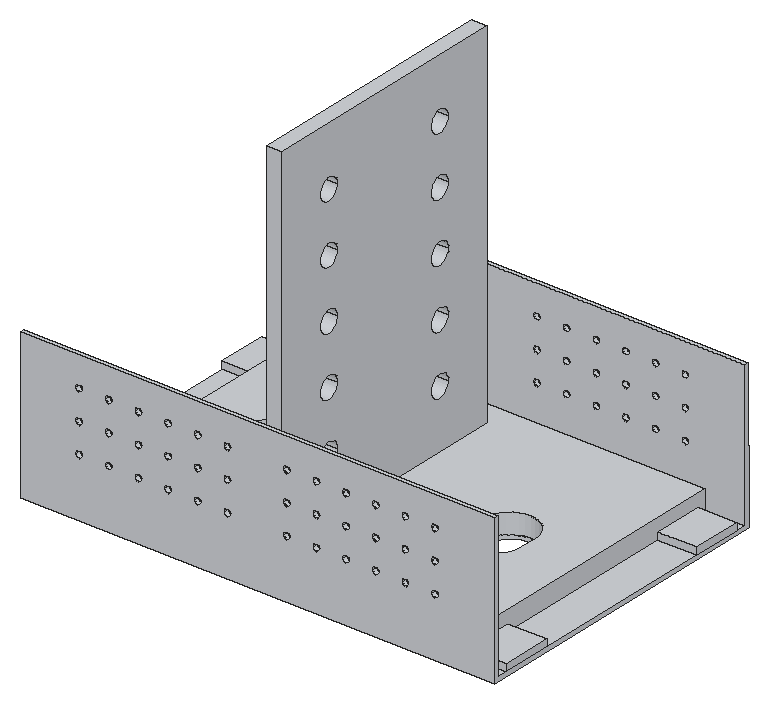
Revit family "SWS TRL", category Structural Connections, Revit 2026
Family settings
  Material for Model Behavior = Other
  Work Plane-Based = No
  Enable Cutting in Views = No
  Always vertical = No
  Cut with Voids When Loaded = No
  Shared = No
Parameters (values of type "SWS 800 TR")
  URL = "http://www.steelnetwork.com/product.aspx/StiffWall"
  Manufacturer = "The Steel Network, Inc."
  Is_800 = yes
  Is_600 = no
  Is_550 = no
Types (4): name | Is_800 | Is_600 | Is_550
  (no name) | yes | no | no
  SWS 550 TR | no | no | yes
  SWS 600 TR | no | yes | no
  SWS 800 TR | yes | no | no
Reference planes (in)
  plane 1 "Center (Front/Back)": y = 0
  plane 2: z = 0
  plane 3 "Center (Left/Right)": x = 0
Nested families (in)
  nested 1: "SWS 550 TR" at (-0.375, 0, 0.1017), visible <- "Is_550", type "SWS 550 TR"
  nested 2: "SWS 600 TR" at (-0.375, 0, 0.1017), visible <- "Is_600", type "SWS 600 TR"
  nested 3: "SWS 800 TR" at (-0.375, 0, 0.1017), visible <- "Is_800", type "SWS 800 TR"
Definition of nested family "SWS 550 TR"
  Parameters
    Default Elevation = 48.0000"
  Reference planes (in)
    plane 1 "Center (Front/Back)": y = 0
    plane 2: z = 0
    plane 3 "Center (Left/Right)": x = 0
    plane 4: z = -0.1017
    plane 5: z = 3.5
    plane 6: z = 9.5
    plane 7: z = 2
    plane 8: y = -2.6535
    plane 9: y = 2.6535
    plane 10: y = -2.375
    plane 11: z = 8
    plane 12: y = 2.3911
    plane 13: y = 1.1268
    plane 14: y = -2.3911
    plane 15: x = -4.625
    plane 16: x = 5.375
  Forms (in)
    Extrusion 1, solid
      sketch origin (0, 0, 0) x (1, 0, 0) y (0, 0, 1)
        loop
          line (-4.625, 0) -> (5.375, 0) -> (5.375, 0.5) -> (0.375, 0.5) -> (0.375, 9.5) -> (0, 9.5) -> (0, 0.5) -> (-4.625, 0.5) -> (-4.625, 0)
      from -2.622 to 2.622
    Extrusion 2, void
      sketch origin (0, 0, 0) x (0, 1, 0) y (0, 0, 1)
        loop
          line (2.622, 9.5) -> (2.375, 9.5) -> (2.375, 0.5) -> (2.622, 0.5) -> (2.622, 9.5)
      from 0 to 0.375
    Extrusion 3, void
      sketch origin (0, 0, 0) x (0, 1, 0) y (0, 0, 1)
        loop
          line (-2.622, 9.5) -> (-2.622, 0.5) -> (-2.375, 0.5) -> (-2.375, 9.5) -> (-2.622, 9.5)
      from 0 to 0.375
    Extrusion 4, solid
      sketch origin (0, 0, 0) x (1, 0, 0) y (0, 0, 1)
        loop
          line (0, 0.875) -> (-0.375, 0.5) -> (0, 0.5) -> (0, 0.875)
      from -2.375 to 2.375
    Extrusion 5, solid
      sketch origin (0, 0, 0) x (0, 1, 0) y (0, 0, 1)
        loop
          line (2.6535, 3.6483) -> (2.6535, 0) -> (-2.6535, 0) -> (-2.6535, 3.6483) -> (-2.7552, 3.6483) -> (-2.7552, -0.1017) -> (2.7552, -0.1017) -> (2.7552, 3.6483) -> (2.6535, 3.6483)
      from -5.625 to 6.375
    Extrusion 6, void
      sketch origin (0, 0, 0) x (1, 0, 0) y (0, 0, 1)
        loop
          circle (-4.125, 2.8983) r 0.086
        loop
          circle (-4.125, 2.1483) r 0.086
        loop
          circle (-4.125, 1.3983) r 0.086
        loop
          circle (-3.375, 2.8983) r 0.086
        loop
          circle (-3.375, 2.1483) r 0.086
        loop
          circle (-3.375, 1.3983) r 0.086
        loop
          circle (-2.625, 2.8983) r 0.086
        loop
          circle (-2.625, 2.1483) r 0.086
        loop
          circle (-2.625, 1.3983) r 0.086
        loop
          circle (-1.875, 2.8983) r 0.086
        loop
          circle (-1.875, 2.1483) r 0.086
        loop
          circle (-1.875, 1.3983) r 0.086
        loop
          circle (-1.125, 2.8983) r 0.086
        loop
          circle (-1.125, 2.1483) r 0.086
        loop
          circle (-1.125, 1.3983) r 0.086
        loop
          circle (-0.375, 2.8983) r 0.086
        loop
          circle (-0.375, 2.1483) r 0.086
        loop
          circle (-0.375, 1.3983) r 0.086
        loop
          circle (1.125, 2.8983) r 0.086
        loop
          circle (1.125, 2.1483) r 0.086
        loop
          circle (1.125, 1.3983) r 0.086
        loop
          circle (1.875, 2.8983) r 0.086
        loop
          circle (1.875, 2.1483) r 0.086
        loop
          circle (1.875, 1.3983) r 0.086
        loop
          circle (2.625, 2.8983) r 0.086
        loop
          circle (2.625, 2.1483) r 0.086
        loop
          circle (2.625, 1.3983) r 0.086
        loop
          circle (3.375, 2.8983) r 0.086
        loop
          circle (3.375, 2.1483) r 0.086
        loop
          circle (3.375, 1.3983) r 0.086
        loop
          circle (4.125, 2.8983) r 0.086
        loop
          circle (4.125, 2.1483) r 0.086
        loop
          circle (4.125, 1.3983) r 0.086
        loop
          circle (4.875, 2.8983) r 0.086
        loop
          circle (4.875, 2.1483) r 0.086
        loop
          circle (4.875, 1.3983) r 0.086
      from 2.6535 to 2.7552
    Extrusion 7, void
      sketch origin (0, 0, 0) x (1, 0, 0) y (0, 0, 1)
        loop
          circle (-4.125, 2.8983) r 0.086
        loop
          circle (-4.125, 2.1483) r 0.086
        loop
          circle (-4.125, 1.3983) r 0.086
        loop
          circle (-3.375, 2.8983) r 0.086
        loop
          circle (-3.375, 2.1483) r 0.086
        loop
          circle (-3.375, 1.3983) r 0.086
        loop
          circle (-2.625, 2.8983) r 0.086
        loop
          circle (-2.625, 2.1483) r 0.086
        loop
          circle (-2.625, 1.3983) r 0.086
        loop
          circle (-1.875, 2.8983) r 0.086
        loop
          circle (-1.875, 2.1483) r 0.086
        loop
          circle (-1.875, 1.3983) r 0.086
        loop
          circle (-1.125, 2.8983) r 0.086
        loop
          circle (-1.125, 2.1483) r 0.086
        loop
          circle (-1.125, 1.3983) r 0.086
        loop
          circle (-0.375, 2.8983) r 0.086
        loop
          circle (-0.375, 2.1483) r 0.086
        loop
          circle (-0.375, 1.3983) r 0.086
        loop
          circle (1.125, 2.8983) r 0.086
        loop
          circle (1.125, 2.1483) r 0.086
        loop
          circle (1.125, 1.3983) r 0.086
        loop
          circle (1.875, 2.8983) r 0.086
        loop
          circle (1.875, 2.1483) r 0.086
        loop
          circle (1.875, 1.3983) r 0.086
        loop
          circle (2.625, 2.8983) r 0.086
        loop
          circle (2.625, 2.1483) r 0.086
        loop
          circle (2.625, 1.3983) r 0.086
        loop
          circle (3.375, 2.8983) r 0.086
        loop
          circle (3.375, 2.1483) r 0.086
        loop
          circle (3.375, 1.3983) r 0.086
        loop
          circle (4.125, 2.8983) r 0.086
        loop
          circle (4.125, 2.1483) r 0.086
        loop
          circle (4.125, 1.3983) r 0.086
        loop
          circle (4.875, 2.8983) r 0.086
        loop
          circle (4.875, 2.1483) r 0.086
        loop
          circle (4.875, 1.3983) r 0.086
      from -2.7552 to -2.6535
    Extrusion 8, solid
      sketch origin (0, 0, 0) x (1, 0, 0) y (0, 1, 0)
        loop
          line (5.375, 2.3911) -> (5.375, 1.1268) -> (6.375, 1.1268) -> (6.375, 2.3911) -> (5.375, 2.3911)
      from 0 to 0.1875
    Extrusion 9, void
      sketch origin (0, 0, 0) x (0, 1, 0) y (0, 0, 1)
        loop
          circle (-1, 3.5) r 0.2815
        loop
          circle (-1, 2) r 0.2815
        loop
          circle (1, 3.5) r 0.2815
        loop
          circle (1, 2) r 0.2815
        loop
          circle (-1, 8) r 0.2815
        loop
          circle (-1, 6.5) r 0.2815
        loop
          circle (1, 8) r 0.2815
        loop
          circle (1, 6.5) r 0.2815
        loop
          circle (-1, 5) r 0.2815
        loop
          circle (1, 5) r 0.2815
      from 0 to 0.375
    Extrusion 10, void
      sketch origin (0, 0, 0) x (1, 0, 0) y (0, 1, 0)
        loop
          line (-3.28125, 0.21875) -> (-3.28125, -0.21875)
          arc (-3.28125, -0.21875) -> (-2.625, -0.875) -> (-1.96875, -0.21875) r 0.65625
          line (-1.96875, -0.21875) -> (-1.96875, 0.21875)
          arc (-1.96875, 0.21875) -> (-2.625, 0.875) -> (-3.28125, 0.21875) r 0.65625
        loop
          line (2.71875, 0.21875) -> (2.71875, -0.21875)
          arc (2.71875, -0.21875) -> (3.375, -0.875) -> (4.03125, -0.21875) r 0.65625
          line (4.03125, -0.21875) -> (4.03125, 0.21875)
          arc (4.03125, 0.21875) -> (3.375, 0.875) -> (2.71875, 0.21875) r 0.65625
      from -0.1017 to 0.5
    Extrusion 11, void
      sketch origin (-3, 0, 0) x (1, 0, 0) y (0, 1, 0)
        loop
          line (2.71875, 0.21875) -> (2.71875, -0.21875)
          arc (2.71875, -0.21875) -> (3.375, -0.875) -> (4.03125, -0.21875) r 0.65625
          line (4.03125, -0.21875) -> (4.03125, 0.21875)
          arc (4.03125, 0.21875) -> (3.375, 0.875) -> (2.71875, 0.21875) r 0.65625
      from -0.1017 to 0
    Extrusion 12, solid
      sketch origin (0, -3.5179, 0) x (1, 0, 0) y (0, 1, 0)
        loop
          line (5.375, 2.3911) -> (5.375, 1.1268) -> (6.375, 1.1268) -> (6.375, 2.3911) -> (5.375, 2.3911)
      from 0 to 0.1875
    Extrusion 13, solid
      sketch origin (-10.5, 0, 0) x (1, 0, 0) y (0, 1, 0)
        loop
          line (4.875, 2.3911) -> (4.875, 1.1268) -> (5.875, 1.1268) -> (5.875, 2.3911) -> (4.875, 2.3911)
      from 0 to 0.1875
    Extrusion 14, solid
      sketch origin (-10.5, -3.5179, 0) x (1, 0, 0) y (0, 1, 0)
        loop
          line (4.875, 2.3911) -> (4.875, 1.1268) -> (5.875, 1.1268) -> (5.875, 2.3911) -> (4.875, 2.3911)
      from 0 to 0.1875
  Cuts and joins
    Extrusion 2, Extrusion 3, Extrusion 6, Extrusion 7, Extrusion 9, Extrusion 10, Extrusion 11 cuts Extrusion 1
    Extrusion 6, Extrusion 7, Extrusion 9, Extrusion 10, Extrusion 11 cuts Extrusion 5
    Extrusion 10, Extrusion 11 cuts Extrusion 4
Definition of nested family "SWS 600 TR"
  Parameters
    Default Elevation = 48.0000"
  Reference planes (in)
    plane 1 "Center (Front/Back)": y = 0
    plane 2: z = 0
    plane 3 "Center (Left/Right)": x = 0
    plane 4: z = -0.1017
    plane 5: z = 3.5
    plane 6: z = 9.5
    plane 7: z = 2
    plane 8: z = 8
    plane 9: y = 2.6411
    plane 10: y = 1.3768
    plane 11: y = -2.6411
    plane 12: x = -4.625
    plane 13: x = 5.375
  Forms (in)
    Extrusion 1, solid
      sketch origin (0, 0, 0) x (1, 0, 0) y (0, 0, 1)
        loop
          line (-4.625, 0) -> (5.375, 0) -> (5.375, 0.5) -> (0.375, 0.5) -> (0.375, 9.5) -> (0, 9.5) -> (0, 0.5) -> (-4.625, 0.5) -> (-4.625, 0)
      from -2.872 to 2.872
    Extrusion 2, void
      sketch origin (0, 0, 0) x (0, 1, 0) y (0, 0, 1)
        loop
          line (2.872, 9.5) -> (2.375, 9.5) -> (2.375, 0.5) -> (2.872, 0.5) -> (2.872, 9.5)
      from 0 to 0.375
    Extrusion 3, void
      sketch origin (0, 0, 0) x (0, 1, 0) y (0, 0, 1)
        loop
          line (-2.872, 9.5) -> (-2.872, 0.5) -> (-2.375, 0.5) -> (-2.375, 9.5) -> (-2.872, 9.5)
      from 0 to 0.375
    Extrusion 4, solid
      sketch origin (0, 0, 0) x (1, 0, 0) y (0, 0, 1)
        loop
          line (0, 0.875) -> (-0.375, 0.5) -> (0, 0.5) -> (0, 0.875)
      from -2.375 to 2.375
    Extrusion 5, solid
      sketch origin (0, 0, 0) x (0, 1, 0) y (0, 0, 1)
        loop
          line (2.9035, 3.6483) -> (2.9035, 0) -> (-2.9035, 0) -> (-2.9035, 3.6483) -> (-3.0052, 3.6483) -> (-3.0052, -0.1017) -> (3.0052, -0.1017) -> (3.0052, 3.6483) -> (2.9035, 3.6483)
      from -5.625 to 6.375
    Extrusion 6, void
      sketch origin (0, 0, 0) x (1, 0, 0) y (0, 0, 1)
        loop
          circle (-4.125, 2.8983) r 0.086
        loop
          circle (-4.125, 2.1483) r 0.086
        loop
          circle (-4.125, 1.3983) r 0.086
        loop
          circle (-3.375, 2.8983) r 0.086
        loop
          circle (-3.375, 2.1483) r 0.086
        loop
          circle (-3.375, 1.3983) r 0.086
        loop
          circle (-2.625, 2.8983) r 0.086
        loop
          circle (-2.625, 2.1483) r 0.086
        loop
          circle (-2.625, 1.3983) r 0.086
        loop
          circle (-1.875, 2.8983) r 0.086
        loop
          circle (-1.875, 2.1483) r 0.086
        loop
          circle (-1.875, 1.3983) r 0.086
        loop
          circle (-1.125, 2.8983) r 0.086
        loop
          circle (-1.125, 2.1483) r 0.086
        loop
          circle (-1.125, 1.3983) r 0.086
        loop
          circle (-0.375, 2.8983) r 0.086
        loop
          circle (-0.375, 2.1483) r 0.086
        loop
          circle (-0.375, 1.3983) r 0.086
        loop
          circle (1.125, 2.8983) r 0.086
        loop
          circle (1.125, 2.1483) r 0.086
        loop
          circle (1.125, 1.3983) r 0.086
        loop
          circle (1.875, 2.8983) r 0.086
        loop
          circle (1.875, 2.1483) r 0.086
        loop
          circle (1.875, 1.3983) r 0.086
        loop
          circle (2.625, 2.8983) r 0.086
        loop
          circle (2.625, 2.1483) r 0.086
        loop
          circle (2.625, 1.3983) r 0.086
        loop
          circle (3.375, 2.8983) r 0.086
        loop
          circle (3.375, 2.1483) r 0.086
        loop
          circle (3.375, 1.3983) r 0.086
        loop
          circle (4.125, 2.8983) r 0.086
        loop
          circle (4.125, 2.1483) r 0.086
        loop
          circle (4.125, 1.3983) r 0.086
        loop
          circle (4.875, 2.8983) r 0.086
        loop
          circle (4.875, 2.1483) r 0.086
        loop
          circle (4.875, 1.3983) r 0.086
      from 2.9035 to 3.0052
    Extrusion 7, void
      sketch origin (0, 0, 0) x (1, 0, 0) y (0, 0, 1)
        loop
          circle (-4.125, 2.8983) r 0.086
        loop
          circle (-4.125, 2.1483) r 0.086
        loop
          circle (-4.125, 1.3983) r 0.086
        loop
          circle (-3.375, 2.8983) r 0.086
        loop
          circle (-3.375, 2.1483) r 0.086
        loop
          circle (-3.375, 1.3983) r 0.086
        loop
          circle (-2.625, 2.8983) r 0.086
        loop
          circle (-2.625, 2.1483) r 0.086
        loop
          circle (-2.625, 1.3983) r 0.086
        loop
          circle (-1.875, 2.8983) r 0.086
        loop
          circle (-1.875, 2.1483) r 0.086
        loop
          circle (-1.875, 1.3983) r 0.086
        loop
          circle (-1.125, 2.8983) r 0.086
        loop
          circle (-1.125, 2.1483) r 0.086
        loop
          circle (-1.125, 1.3983) r 0.086
        loop
          circle (-0.375, 2.8983) r 0.086
        loop
          circle (-0.375, 2.1483) r 0.086
        loop
          circle (-0.375, 1.3983) r 0.086
        loop
          circle (1.125, 2.8983) r 0.086
        loop
          circle (1.125, 2.1483) r 0.086
        loop
          circle (1.125, 1.3983) r 0.086
        loop
          circle (1.875, 2.8983) r 0.086
        loop
          circle (1.875, 2.1483) r 0.086
        loop
          circle (1.875, 1.3983) r 0.086
        loop
          circle (2.625, 2.8983) r 0.086
        loop
          circle (2.625, 2.1483) r 0.086
        loop
          circle (2.625, 1.3983) r 0.086
        loop
          circle (3.375, 2.8983) r 0.086
        loop
          circle (3.375, 2.1483) r 0.086
        loop
          circle (3.375, 1.3983) r 0.086
        loop
          circle (4.125, 2.8983) r 0.086
        loop
          circle (4.125, 2.1483) r 0.086
        loop
          circle (4.125, 1.3983) r 0.086
        loop
          circle (4.875, 2.8983) r 0.086
        loop
          circle (4.875, 2.1483) r 0.086
        loop
          circle (4.875, 1.3983) r 0.086
      from -3.0052 to -2.9035
    Extrusion 8, solid
      sketch origin (0, 0, 0) x (1, 0, 0) y (0, 1, 0)
        loop
          line (5.375, 2.6411) -> (5.375, 1.3768) -> (6.375, 1.3768) -> (6.375, 2.6411) -> (5.375, 2.6411)
      from 0 to 0.1875
    Extrusion 9, void
      sketch origin (0, 0, 0) x (0, 1, 0) y (0, 0, 1)
        loop
          circle (-1, 3.5) r 0.2815
        loop
          circle (-1, 2) r 0.2815
        loop
          circle (1, 3.5) r 0.2815
        loop
          circle (1, 2) r 0.2815
        loop
          circle (-1, 8) r 0.2815
        loop
          circle (-1, 6.5) r 0.2815
        loop
          circle (1, 8) r 0.2815
        loop
          circle (1, 6.5) r 0.2815
        loop
          circle (-1, 5) r 0.2815
        loop
          circle (1, 5) r 0.2815
      from 0 to 0.375
    Extrusion 10, void
      sketch origin (0, 0, 0) x (1, 0, 0) y (0, 1, 0)
        loop
          arc (-3.28125, -0.21875) -> (-2.625, -0.875) -> (-1.96875, -0.21875) r 0.65625
          line (-1.96875, -0.21875) -> (-1.96875, 0.21875)
          arc (-1.96875, 0.21875) -> (-2.625, 0.875) -> (-3.28125, 0.21875) r 0.65625
          line (-3.28125, 0.21875) -> (-3.28125, -0.21875)
        loop
          arc (2.71875, -0.21875) -> (3.375, -0.875) -> (4.03125, -0.21875) r 0.65625
          line (4.03125, -0.21875) -> (4.03125, 0.21875)
          arc (4.03125, 0.21875) -> (3.375, 0.875) -> (2.71875, 0.21875) r 0.65625
          line (2.71875, 0.21875) -> (2.71875, -0.21875)
      from -0.1017 to 0.5
    Extrusion 11, void
      sketch origin (-3, 0, 0) x (1, 0, 0) y (0, 1, 0)
        loop
          arc (2.71875, -0.21875) -> (3.375, -0.875) -> (4.03125, -0.21875) r 0.65625
          line (4.03125, -0.21875) -> (4.03125, 0.21875)
          arc (4.03125, 0.21875) -> (3.375, 0.875) -> (2.71875, 0.21875) r 0.65625
          line (2.71875, 0.21875) -> (2.71875, -0.21875)
      from -0.1017 to 0
    Extrusion 12, solid
      sketch origin (0, -4.0179, 0) x (1, 0, 0) y (0, 1, 0)
        loop
          line (5.375, 2.6411) -> (5.375, 1.3768) -> (6.375, 1.3768) -> (6.375, 2.6411) -> (5.375, 2.6411)
      from 0 to 0.1875
    Extrusion 13, solid
      sketch origin (-10.5, 0, 0) x (1, 0, 0) y (0, 1, 0)
        loop
          line (4.875, 2.6411) -> (4.875, 1.3768) -> (5.875, 1.3768) -> (5.875, 2.6411) -> (4.875, 2.6411)
      from 0 to 0.1875
    Extrusion 14, solid
      sketch origin (-10.5, -4.0179, 0) x (1, 0, 0) y (0, 1, 0)
        loop
          line (4.875, 2.6411) -> (4.875, 1.3768) -> (5.875, 1.3768) -> (5.875, 2.6411) -> (4.875, 2.6411)
      from 0 to 0.1875
  Cuts and joins
    Extrusion 2, Extrusion 3, Extrusion 6, Extrusion 7, Extrusion 9, Extrusion 10, Extrusion 11 cuts Extrusion 1
    Extrusion 6, Extrusion 7, Extrusion 9, Extrusion 10, Extrusion 11 cuts Extrusion 5
    Extrusion 10, Extrusion 11 cuts Extrusion 4
Definition of nested family "SWS 800 TR"
  Parameters
    Default Elevation = 48.0000"
  Reference planes (in)
    plane 1 "Center (Front/Back)": y = 0
    plane 2: z = 0
    plane 3 "Center (Left/Right)": x = 0
    plane 4: z = -0.1017
    plane 5: z = 3.5
    plane 6: z = 8
    plane 7: z = 2
    plane 8: y = 3.9035
    plane 9: z = 9.5
    plane 10: x = -2.625
    plane 11: x = 3.375
    plane 12: y = 3.6411
    plane 13: y = 2.3768
    plane 14: y = -3.6411
    plane 15: x = -4.625
    plane 16: x = 5.375
  Forms (in)
    Extrusion 1, solid
      sketch origin (0, 0, 0) x (1, 0, 0) y (0, 0, 1)
        loop
          line (-4.625, 0) -> (5.375, 0) -> (5.375, 0.5) -> (0.375, 0.5) -> (0.375, 9.5) -> (0, 9.5) -> (0, 0.5) -> (-4.625, 0.5) -> (-4.625, 0)
      from -3.872 to 3.872
    Extrusion 2, void
      sketch origin (0, 0, 0) x (0, 1, 0) y (0, 0, 1)
        loop
          line (3.872, 9.5) -> (3.25, 9.5) -> (3.25, 0.5) -> (3.872, 0.5) -> (3.872, 9.5)
      from 0 to 0.375
    Extrusion 3, void
      sketch origin (0, 0, 0) x (0, 1, 0) y (0, 0, 1)
        loop
          line (-3.872, 9.5) -> (-3.872, 0.5) -> (-3.25, 0.5) -> (-3.25, 9.5) -> (-3.872, 9.5)
      from 0 to 0.375
    Extrusion 4, solid
      sketch origin (0, 0, 0) x (1, 0, 0) y (0, 0, 1)
        loop
          line (0, 0.875) -> (-0.375, 0.5) -> (0, 0.5) -> (0, 0.875)
      from -3.25 to 3.25
    Extrusion 5, solid
      sketch origin (0, 0, 0) x (0, 1, 0) y (0, 0, 1)
        loop
          line (3.9035, 3.6483) -> (3.9035, 0) -> (-3.9035, 0) -> (-3.9035, 3.6483) -> (-4.0052, 3.6483) -> (-4.0052, -0.1017) -> (4.0052, -0.1017) -> (4.0052, 3.6483) -> (3.9035, 3.6483)
      from -5.625 to 6.375
    Extrusion 6, void
      sketch origin (0, 0, 0) x (1, 0, 0) y (0, 0, 1)
        loop
          circle (-4.125, 2.8983) r 0.086
        loop
          circle (-4.125, 2.1483) r 0.086
        loop
          circle (-4.125, 1.3983) r 0.086
        loop
          circle (-3.375, 2.8983) r 0.086
        loop
          circle (-3.375, 2.1483) r 0.086
        loop
          circle (-3.375, 1.3983) r 0.086
        loop
          circle (-2.625, 2.8983) r 0.086
        loop
          circle (-2.625, 2.1483) r 0.086
        loop
          circle (-2.625, 1.3983) r 0.086
        loop
          circle (-1.875, 2.8983) r 0.086
        loop
          circle (-1.875, 2.1483) r 0.086
        loop
          circle (-1.875, 1.3983) r 0.086
        loop
          circle (-1.125, 2.8983) r 0.086
        loop
          circle (-1.125, 2.1483) r 0.086
        loop
          circle (-1.125, 1.3983) r 0.086
        loop
          circle (-0.375, 2.8983) r 0.086
        loop
          circle (-0.375, 2.1483) r 0.086
        loop
          circle (-0.375, 1.3983) r 0.086
        loop
          circle (1.125, 2.8983) r 0.086
        loop
          circle (1.125, 2.1483) r 0.086
        loop
          circle (1.125, 1.3983) r 0.086
        loop
          circle (1.875, 2.8983) r 0.086
        loop
          circle (1.875, 2.1483) r 0.086
        loop
          circle (1.875, 1.3983) r 0.086
        loop
          circle (2.625, 2.8983) r 0.086
        loop
          circle (2.625, 2.1483) r 0.086
        loop
          circle (2.625, 1.3983) r 0.086
        loop
          circle (3.375, 2.8983) r 0.086
        loop
          circle (3.375, 2.1483) r 0.086
        loop
          circle (3.375, 1.3983) r 0.086
        loop
          circle (4.125, 2.8983) r 0.086
        loop
          circle (4.125, 2.1483) r 0.086
        loop
          circle (4.125, 1.3983) r 0.086
        loop
          circle (4.875, 2.8983) r 0.086
        loop
          circle (4.875, 2.1483) r 0.086
        loop
          circle (4.875, 1.3983) r 0.086
      from 3.9035 to 4.0052
    Extrusion 7, void
      sketch origin (0, 0, 0) x (1, 0, 0) y (0, 0, 1)
        loop
          circle (-4.125, 2.8983) r 0.086
        loop
          circle (-4.125, 2.1483) r 0.086
        loop
          circle (-4.125, 1.3983) r 0.086
        loop
          circle (-3.375, 2.8983) r 0.086
        loop
          circle (-3.375, 2.1483) r 0.086
        loop
          circle (-3.375, 1.3983) r 0.086
        loop
          circle (-2.625, 2.8983) r 0.086
        loop
          circle (-2.625, 2.1483) r 0.086
        loop
          circle (-2.625, 1.3983) r 0.086
        loop
          circle (-1.875, 2.8983) r 0.086
        loop
          circle (-1.875, 2.1483) r 0.086
        loop
          circle (-1.875, 1.3983) r 0.086
        loop
          circle (-1.125, 2.8983) r 0.086
        loop
          circle (-1.125, 2.1483) r 0.086
        loop
          circle (-1.125, 1.3983) r 0.086
        loop
          circle (-0.375, 2.8983) r 0.086
        loop
          circle (-0.375, 2.1483) r 0.086
        loop
          circle (-0.375, 1.3983) r 0.086
        loop
          circle (1.125, 2.8983) r 0.086
        loop
          circle (1.125, 2.1483) r 0.086
        loop
          circle (1.125, 1.3983) r 0.086
        loop
          circle (1.875, 2.8983) r 0.086
        loop
          circle (1.875, 2.1483) r 0.086
        loop
          circle (1.875, 1.3983) r 0.086
        loop
          circle (2.625, 2.8983) r 0.086
        loop
          circle (2.625, 2.1483) r 0.086
        loop
          circle (2.625, 1.3983) r 0.086
        loop
          circle (3.375, 2.8983) r 0.086
        loop
          circle (3.375, 2.1483) r 0.086
        loop
          circle (3.375, 1.3983) r 0.086
        loop
          circle (4.125, 2.8983) r 0.086
        loop
          circle (4.125, 2.1483) r 0.086
        loop
          circle (4.125, 1.3983) r 0.086
        loop
          circle (4.875, 2.8983) r 0.086
        loop
          circle (4.875, 2.1483) r 0.086
        loop
          circle (4.875, 1.3983) r 0.086
      from -4.0052 to -3.9035
    Extrusion 8, solid
      sketch origin (0, 0, 0) x (1, 0, 0) y (0, 1, 0)
        loop
          line (5.375, 3.6411) -> (5.375, 2.3768) -> (6.375, 2.3768) -> (6.375, 3.6411) -> (5.375, 3.6411)
      from 0 to 0.1875
    Extrusion 9, void
      sketch origin (0, 0, 0) x (0, 1, 0) y (0, 0, 1)
        loop
          circle (-1.75, 3.5) r 0.2815
        loop
          circle (-1.75, 2) r 0.2815
        loop
          circle (1.75, 3.5) r 0.2815
        loop
          circle (1.75, 2) r 0.2815
        loop
          circle (-1.75, 8) r 0.2815
        loop
          circle (-1.75, 6.5) r 0.2815
        loop
          circle (1.75, 8) r 0.2815
        loop
          circle (1.75, 6.5) r 0.2815
        loop
          circle (-1.75, 5) r 0.2815
        loop
          circle (1.75, 5) r 0.2815
      from 0 to 0.375
    Extrusion 10, void
      sketch origin (0, 0, 0) x (1, 0, 0) y (0, 1, 0)
        loop
          line (2.71875, 0.21875) -> (2.71875, -0.21875)
          arc (2.71875, -0.21875) -> (3.375, -0.875) -> (4.03125, -0.21875) r 0.65625
          line (4.03125, -0.21875) -> (4.03125, 0.21875)
          arc (4.03125, 0.21875) -> (3.375, 0.875) -> (2.71875, 0.21875) r 0.65625
        loop
          line (-3.28125, 0.21875) -> (-3.28125, -0.21875)
          arc (-3.28125, -0.21875) -> (-2.625, -0.875) -> (-1.96875, -0.21875) r 0.65625
          line (-1.96875, -0.21875) -> (-1.96875, 0.21875)
          arc (-1.96875, 0.21875) -> (-2.625, 0.875) -> (-3.28125, 0.21875) r 0.65625
      from -0.1017 to 0.5
    Extrusion 11, void
      sketch origin (-3, 0, 0) x (1, 0, 0) y (0, 1, 0)
        loop
          line (2.71875, 0.21875) -> (2.71875, -0.21875)
          arc (2.71875, -0.21875) -> (3.375, -0.875) -> (4.03125, -0.21875) r 0.65625
          line (4.03125, -0.21875) -> (4.03125, 0.21875)
          arc (4.03125, 0.21875) -> (3.375, 0.875) -> (2.71875, 0.21875) r 0.65625
      from -0.1017 to 0
    Extrusion 12, solid
      sketch origin (0, -6.0179, 0) x (1, 0, 0) y (0, 1, 0)
        loop
          line (5.375, 3.6411) -> (5.375, 2.3768) -> (6.375, 2.3768) -> (6.375, 3.6411) -> (5.375, 3.6411)
      from 0 to 0.1875
    Extrusion 13, solid
      sketch origin (-10.5, 0, 0) x (1, 0, 0) y (0, 1, 0)
        loop
          line (4.875, 3.6411) -> (4.875, 2.3768) -> (5.875, 2.3768) -> (5.875, 3.6411) -> (4.875, 3.6411)
      from 0 to 0.1875
    Extrusion 14, solid
      sketch origin (-10.5, -6.0179, 0) x (1, 0, 0) y (0, 1, 0)
        loop
          line (4.875, 3.6411) -> (4.875, 2.3768) -> (5.875, 2.3768) -> (5.875, 3.6411) -> (4.875, 3.6411)
      from 0 to 0.1875
  Cuts and joins
    Extrusion 2, Extrusion 3, Extrusion 6, Extrusion 7, Extrusion 9, Extrusion 10, Extrusion 11 cuts Extrusion 1
    Extrusion 6, Extrusion 7, Extrusion 9, Extrusion 10, Extrusion 11 cuts Extrusion 5
    Extrusion 10, Extrusion 11 cuts Extrusion 4
